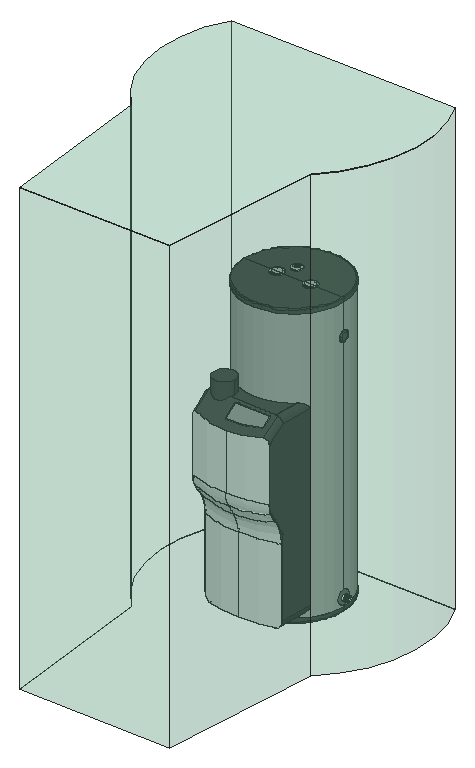
Revit family "Innovo  BENL_IR 24 285 BENL LP", category Mechanical Equipment, Revit 2015
Parameters (values of type "IR-24-285 BENL LP")
  Werkruimte Radius = Diameter + 170 mm  # 780 mm
  Werkruimte Hoogte = Hoogte + 1000 mm  # 2745 mm
  Werkruimte Afstand Voor = 1000 mm
  Werkruimte [instance] = yes
  Voorzorgsmaatregelen tijdens montage, installatie of onderhoud = "zie Gebruikers, Installatie, Service en Onderhouds handleiding"  # constant formula
  Voltage = 230 V  # constant formula
  Verpakkingslengte = 946 mm  # constant formula
  Verpakkingshoogte = 1895 mm
  Verpakkingsbreedte = 786 mm  # constant formula
  Uitsluitend werkend in daluren = no
  Uitschakeldruk LDS < = "210"
  Type aanduiding = "IR-32-285"
  Transportgewicht = 153 kg
  Totaal Gewicht = 438 kg
  Stilstandsverlies - dagelijks (24u) = 0 W
  Stilstandsverlies = 0 W
  Standaard Afgesteld op = "G20/G25"
  Stand Regelthermostaat = 65 °C  # constant formula
  Soort Verpakking = "Karton en Hout"  # constant formula
  Slimme controlefunctie = no
  Setpoint thermostaat = 65 °C  # constant formula
  Seizoens Rendement (Hs) = [Rendement (Hs, vlgs. NEN-EN 89 - 1999)]  # 96
  Rendement (Hs, vlgs. NEN-EN 89 - 1999) = 96
  Rendement (Hi, vlgs. NEN-EN 89 - 1999) = 107
  Produktspecificaties Link = ""
  Produkthandleiding Link = ""
  Produkt Model Nummer (EAN-nummer) = "8717449286316"
  Onderhoudsinterval = "12 maanden"  # constant formula
  Nominale Belasting (Onderwaarde) = "29000.0/24100.0"
  Nominale Belasting (Bovenwaarde) = "32200.0/26800.0"
  Nominaal Vermogen = "31000.0/25800.0"
  NOx-uitstoot mg/kWh = "37.0/27.0"
  NOx-uitstoot (lucht vrij, 0% O2) ppm = "24.0/17.0"
  Min. Stand Regelthermostaat = 40 °C  # constant formula
  Max. Werkdruk = 800000.0 Pa
  Max. Stand Regelthermostaat = 85 °C  # constant formula
  Max. Rookgastemperatuur = 65 °C
  Ledig Gewicht = 136 kg
  Kraan Hoogte 02 = if(and(Hoogte = 1745 mm, Diameter = 675 mm), 1518 mm, if(and(Hoogte = 1745 mm, Diameter = 610 mm), 1534 mm, if(Hoogte = 1545 mm, 1328 mm, 1070 mm)))  # 1534 mm
  Kraan Hoogte 01 = if(and(Diameter > 560 mm), 693 mm, 604 mm)  # 693 mm
  URL = "www.aosmith.be"
  Tapcapaciteit bij ΔT = 70°C  na 90 min. = 770.0 L
  Tapcapaciteit bij ΔT = 70°C  na 60 min. = 580.0 L
  Tapcapaciteit bij ΔT = 70°C  na 30 min. = 390.0 L
  Tapcapaciteit bij ΔT = 70°C  na 120 min. = 960.0 L
  Tapcapaciteit bij ΔT = 55°C  na 90 min. = 1000.0 L
  Tapcapaciteit bij ΔT = 55°C  na 60 min. = 760.0 L
  Tapcapaciteit bij ΔT = 55°C  na 30 min. = 520.0 L
  Tapcapaciteit bij ΔT = 55°C  na 120 min. = 1300.0 L
  Tapcapaciteit bij ΔT = 50°C  na 90 min. = 1200.0 L
  Tapcapaciteit bij ΔT = 50°C  na 60 min. = 840.0 L
  Tapcapaciteit bij ΔT = 50°C  na 30 min. = 570.0 L
  Tapcapaciteit bij ΔT = 50°C na 120 min. = 1400.0 L
  Tapcapaciteit bij ΔT = 44°C na 120 min. = 1300.0 L
  Tapcapaciteit bij ΔT = 44°C  na 90 min. = 960.0 L
  Tapcapaciteit bij ΔT = 44°C  na 60 min. = 660.0 L
  Tapcapaciteit bij ΔT = 44°C  na 30 min. = 1600.0 L
  Tapcapaciteit bij ΔT = 28°C na 90 min. = 2100.0 L
  Tapcapaciteit bij ΔT = 28°C na 60 min. = 1600.0 L
  Tapcapaciteit bij ΔT = 28°C na 30 min. = 1100.0 L
  Tapcapaciteit bij ΔT = 28°C na 120 min. = 2500.0 L
  Tapcapaciteit Continu bij ΔT = 70°C = 380.0 L/s
  Tapcapaciteit Continu bij ΔT = 55°C = 490.0 L/s
  Tapcapaciteit Continu bij ΔT = 50°C = 540.0 L/s
  Tapcapaciteit Continu bij ΔT = 44°C = 610.0 L/s
  Tapcapaciteit Continu bij ΔT = 28°C = 960.0 L/s
  Opwarmtijd bij ΔT = 70°C = "38"
  Opwarmtijd bij ΔT = 55°C = "30"
  Opwarmtijd bij ΔT = 50°C = "27"
  Opwarmtijd bij ΔT = 44°C = "24"
  Opwarmtijd bij ΔT = 28°C = "16"
  Model = "IR-32-285 BENL NAT"
  Manufacturer = "A.O. Smith Water Products Company b.v."  # constant formula
  Length = 780 mm  # constant formula
  Jaarlijks elektriciteitsverbruik (2) = "-"
  Jaarlijks elektriciteitsverbruik (1) = "48 kWh"
  Jaarlijks brandstofverbruik (2) = "-"
  Jaarlijks brandstofverbruik (1) = "21 GJ GCV"
  Isolatiedikte = 44 mm
  Installatie Typen = "B23/C13/C33/C43/C53/C63"  # constant formula
  Inhoud = 285.0 L
  Hoogte Warm Water Uitlaat = 1745 mm
  Hoogte Rookgasafvoer = 1350 mm
  Hoogte Lucht Inlaat = 1350 mm
  Hoogte Koud Water Inlaat = 170 mm
  Hoogte Gas Aansluiting = 905 mm
  Hoogte = 1745 mm
  Handelsmerk = "A.O. Smith"  # constant formula
  Geluidsniveau dB (A) = "<45"  # constant formula
  Geluidsniveau binnen = "58 dB"
  Gasverbruik - Volume ltr/hr = "3.10/3.00"
  Gasverbruik - Massa kg/h = "n.v.t."
  Gascategorie = "I2E(S)B"  # constant formula
  Gas Voordruk = "2000/2500 Pa"
  Gas Aansluiting = 15"  # constant formula
  Garrantie op Tank = "36 maanden"  # constant formula
  Garrantie op Onderdelen = "12 maanden"  # constant formula
  Frequentie = 50 Hz  # constant formula
  Fase = 1
  Fabrikantnummer = "E 7110"  # constant formula
  Energie-efficiëntieklasse voor waterverwarming (2) = "-"
  Energie-efficiëntieklasse voor waterverwarming (1) = "A"  # constant formula
  Energie-efficiëntie voor waterverwarming (2) = "-"
  Energie-efficiëntie voor waterverwarming (1) = "90%"
  Elektrisch Vermogen (piek) = 105 W
  Elektrisch Vermogen (nominaal) = 85 W
  Diameter Schoorsteen - parallel systeem = "2x80"  # constant formula
  Diameter Schoorsteen - concentrisch systeem = "80/125 mm/mm"  # constant formula
  Diameter Schoorsteen - boiler = "80/125 mm/mm"  # constant formula
  Diameter = 610 mm
  Description = "Condenserende Hoog Rendementsboiler"  # constant formula
  Created By = "http://www.cadcompany.nl/"
  Capaciteitsprofiel = "XXL"
  CO2-uitstoot (tol. +/- 1.0) vol% = "9.3/7.5"
  CE-PIN = "0063CQ3037"  # constant formula
  Breedte = Diameter  # 610 mm
  Bestemming / Land = "BelgIë"  # constant formula
  BIM Content Developer = "CAD & Company"  # constant formula
  Assembly Code = "D3010"
  Ander capaciteitsprofiel = "-"
  Aansluiting Warm Water = 1"
  Aansluiting T&P = 1"
  Aansluiting Koud Water = 3/4"  # constant formula
  Aansluiting Condensafvoer = 40 mm  # constant formula
  Aansluiting Aftapkraan = 3/4"  # constant formula
  2e Onderhoud (algeheel onderhoud) = "12 maanden na installatie"  # constant formula
  1e Onderhoud (check-up) = "3 maanden na installatie"  # constant formula
Reference planes
  plane 1 "Center (Front/Back)": y = 0
  plane 2: z = 0
  plane 3 "Center (Left/Right)": x = 0
  plane 4 "Pipe": through (-383.901, 912.349, 194.799) normal (-0.0879, -0.0879, 0.9923)
  plane 5 "footing": y = 118.925
  plane 6 "footing front": y = -237.85
  plane 7: x = -305
  plane 8: x = 305
  plane 9: z = 1745
Forms (mm)
  Revolve 1, solid, material "RAL 9005", detail levels medium+fine
    sketch origin (0, -237.85, 0) x (-1, 0, 0) y (0, 0, 1)
      loop
        line (0, 28.9) -> (-15, 28.9) -> (-15, 26.4) -> (-8.671, 26.4) -> (-8.671, 18) -> (-5.686, 18) -> (-6.626, 17.06) -> (-6.626, 12.06) -> (-8.671, 12.06) -> (-8.671, 10) -> (-10.031, 10) -> (-23.271, 5.181)
        arc (-23.271, 5.181) -> (-23.763, 4.836) -> (-24.017, 4.293) r 1.159
        line (-24.017, 4.293) -> (-24.017, 1.03)
        arc (-24.017, 1.03) -> (-23.715, 0.302) -> (-22.986, 0) r 1.03
        line (-22.986, 0) -> (0, 0) -> (0, 28.9)
      axis (0, 28.9) -> (0, 0)
    angle from 0 to 360
  Revolve 2, solid, material "RAL 9005", detail levels medium+fine
    sketch origin (0, 118.925, 0) x (-1, 0, 0) y (0, 0, 1)
      loop
        line (-205.984, 28.9) -> (-220.984, 28.9) -> (-220.984, 26.4) -> (-214.655, 26.4) -> (-214.655, 18) -> (-211.67, 18) -> (-212.61, 17.06) -> (-212.61, 12.06) -> (-214.655, 12.06) -> (-214.655, 10) -> (-216.015, 10) -> (-229.256, 5.181)
        arc (-229.256, 5.181) -> (-229.747, 4.836) -> (-230.001, 4.293) r 1.159
        line (-230.001, 4.293) -> (-230.001, 1.03)
        arc (-230.001, 1.03) -> (-229.699, 0.302) -> (-228.971, 0) r 1.03
        line (-228.971, 0) -> (-205.984, 0) -> (-205.984, 28.9)
      axis (-205.984, 28.9) -> (-205.984, 0)
    angle from 0 to 360
  Revolve 3, solid, material "RAL 9005", detail levels medium+fine
    sketch origin (0, 118.925, 0) x (-1, 0, 0) y (0, 0, 1)
      loop
        line (204.016, 28.9) -> (189.016, 28.9) -> (189.016, 26.4) -> (195.345, 26.4) -> (195.345, 18) -> (198.33, 18) -> (197.39, 17.06) -> (197.39, 12.06) -> (195.345, 12.06) -> (195.345, 10) -> (193.985, 10) -> (180.744, 5.181)
        arc (180.744, 5.181) -> (180.253, 4.836) -> (179.999, 4.293) r 1.159
        line (179.999, 4.293) -> (179.999, 1.03)
        arc (179.999, 1.03) -> (180.301, 0.302) -> (181.029, 0) r 1.03
        line (181.029, 0) -> (204.016, 0) -> (204.016, 28.9)
      axis (204.016, 28.9) -> (204.016, 0)
    angle from 0 to 360
Lines and regions (mm)
  symbolic lines
    curve 1: line (0, 280.06, 0) -> (0, -280.06, 0)
    curve 2: line (-280.06, 0, 0) -> (280.06, 0, 0)
  symbolic lines, style "Workspace"
    curve 3: line (681.142, 380.06, 0) -> (-681.142, 380.06, 0)
    curve 4: arc (-681.142, 380.06, 0) -> (-777.325, -64.546, 0) -> (-609.127, -487.2, 0) r 780
    curve 5: line (-609.127, -487.2, 0) -> (-421.783, -1517.825, 0)
    curve 6: line (-421.783, -1517.825, 0) -> (424.03, -1517.825, 0)
    curve 7: line (424.03, -1517.825, 0) -> (611.027, -484.816, 0)
    curve 8: arc (611.027, -484.816, 0) -> (777.449, -63.027, 0) -> (681.142, 380.06, 0) r 780
Dimensions and locks
  plane 5 "footing" to plane 1 "Center (Front/Back)" = 118.925 mm
  plane 1 "Center (Front/Back)" to plane 6 "footing front" = 237.85 mm
  "Diameter": plane 7 to plane 8
  equal spacing: plane 7, plane 3 "Center (Left/Right)", plane 8
  "Hoogte": plane 9 to plane 2
  "Werkruimte Afstand Voor": curve 6 to nested 3
  "Werkruimte Radius": radius of curve 4
  "Werkruimte Radius": radius of curve 8
  aligned and locked: level to plane 2
  aligned and locked: nested 3 to Revolve 1 sketch curve
  aligned and locked: plane 3 "Center (Left/Right)" to Revolve 1 sketch curve
  aligned and locked: nested 3 to plane 1 "Center (Front/Back)"
  aligned and locked: plane 3 "Center (Left/Right)" to nested 3
  aligned and locked: nested 1 to plane 8
  aligned and locked: nested 5 to plane 8
  aligned and locked: nested 2 to plane 7
  aligned and locked: nested 4 to plane 7
  aligned and locked: nested 7 to plane 7
  aligned and locked: nested 8 to plane 3 "Center (Left/Right)"
  aligned and locked: nested 8 to nested 3
  aligned and locked: curve 3 to nested 8
Automatic sketch dimensions
  Revolve 1 sketch curve to level = 0 mm
  plane 3 "Center (Left/Right)" to Revolve 1 sketch curve = 5.686 mm
  Revolve 1 sketch curve to Revolve 1 sketch curve = 0.94 mm  (x2)
  Revolve 1 sketch curve to Revolve 1 sketch curve = 2.046 mm  (x2)
  Revolve 1 sketch curve to Revolve 1 sketch curve = 1.359 mm
  Revolve 1 sketch curve to Revolve 1 sketch curve = 6.329 mm
  level to Revolve 1 sketch curve = 4.091 mm
  Revolve 1 sketch curve to Revolve 1 sketch curve = 12.844 mm
  level to Revolve 1 sketch curve = 1.03 mm
  Revolve 1 sketch curve to Revolve 1 sketch curve = 0.111 mm
  level to Revolve 1 sketch curve = 5.181 mm
  Revolve 1 sketch curve to Revolve 1 sketch curve = 0.745 mm
  level to Revolve 1 sketch curve = 10 mm
  Revolve 1 sketch curve to Revolve 1 sketch curve = 2.06 mm
  Revolve 1 sketch curve to Revolve 1 sketch curve = 5 mm
  Revolve 1 sketch curve to Revolve 1 sketch curve = 8.4 mm
  Revolve 1 sketch curve to Revolve 1 sketch curve = 2.5 mm
  Revolve 1 sketch curve to level = 19.635 mm
  Revolve 1 sketch curve to Revolve 1 sketch curve = 46.465 mm
  Revolve 2 sketch curve to level = 0 mm
  level to Revolve 2 sketch curve = 1.03 mm
  Revolve 2 sketch curve to plane 8 = 74.999 mm
  level to Revolve 2 sketch curve = 5.181 mm
  Revolve 2 sketch curve to Revolve 2 sketch curve = 0.745 mm
  Revolve 2 sketch curve to Revolve 2 sketch curve = 0.397 mm
  Revolve 2 sketch curve to Revolve 2 sketch curve = 8.271 mm
  Revolve 2 sketch curve to Revolve 2 sketch curve = 13.241 mm
  Revolve 2 sketch curve to Revolve 2 sketch curve = 1.359 mm
  Revolve 2 sketch curve to Revolve 2 sketch curve = 6.329 mm
  Revolve 2 sketch curve to Revolve 2 sketch curve = 2.046 mm
  level to Revolve 2 sketch curve = 18 mm
  Revolve 2 sketch curve to Revolve 2 sketch curve = 0.94 mm  (x2)
  Revolve 2 sketch curve to Revolve 2 sketch curve = 8.671 mm
  Revolve 2 sketch curve to Revolve 2 sketch curve = 1.089 mm
  Revolve 2 sketch curve to Revolve 2 sketch curve = 8 mm
  Revolve 2 sketch curve to Revolve 2 sketch curve = 2.06 mm
  Revolve 2 sketch curve to Revolve 2 sketch curve = 8.4 mm
  Revolve 2 sketch curve to Revolve 2 sketch curve = 2.5 mm
  Revolve 2 sketch curve to Revolve 2 sketch curve = 0 mm
  Revolve 2 sketch curve to level = 19.635 mm
  Revolve 2 sketch curve to Revolve 2 sketch curve = 46.465 mm
  Revolve 3 sketch curve to level = 0 mm
  level to Revolve 3 sketch curve = 1.03 mm
  Revolve 3 sketch curve to plane 7 = 125.001 mm
  level to Revolve 3 sketch curve = 5.181 mm
  Revolve 3 sketch curve to Revolve 3 sketch curve = 0.745 mm
  Revolve 3 sketch curve to Revolve 3 sketch curve = 0.397 mm
  Revolve 3 sketch curve to Revolve 3 sketch curve = 8.271 mm
  Revolve 3 sketch curve to Revolve 3 sketch curve = 13.241 mm
  Revolve 3 sketch curve to Revolve 3 sketch curve = 1.359 mm
  Revolve 3 sketch curve to Revolve 3 sketch curve = 6.329 mm
  Revolve 3 sketch curve to Revolve 3 sketch curve = 2.046 mm
  level to Revolve 3 sketch curve = 18 mm
  Revolve 3 sketch curve to Revolve 3 sketch curve = 0.94 mm  (x2)
  Revolve 3 sketch curve to Revolve 3 sketch curve = 8.671 mm
  Revolve 3 sketch curve to Revolve 3 sketch curve = 1.089 mm
  Revolve 3 sketch curve to Revolve 3 sketch curve = 8 mm
  Revolve 3 sketch curve to Revolve 3 sketch curve = 2.06 mm
  Revolve 3 sketch curve to Revolve 3 sketch curve = 8.4 mm
  Revolve 3 sketch curve to Revolve 3 sketch curve = 2.5 mm
  Revolve 3 sketch curve to Revolve 3 sketch curve = 0 mm
  Revolve 3 sketch curve to level = 19.635 mm
  Revolve 3 sketch curve to Revolve 3 sketch curve = 46.465 mm
  curve 4 to curve 8 = 0 mm  (x2)
  plane 1 "Center (Front/Back)" to curve 2 = 0 mm
  curve 1 to plane 3 "Center (Left/Right)" = 0 mm
  plane 1 "Center (Front/Back)" to curve 4 = 0 mm
  curve 4 to plane 3 "Center (Left/Right)" = 0 mm
  curve 5 to plane 6 "footing front" = 249.35 mm
  plane 7 to curve 5 = 116.783 mm
  plane 8 to curve 7 = 119.03 mm
  curve 7 to plane 6 "footing front" = 246.966 mm
  curve 2 to plane 7 = 24.94 mm
  curve 2 to plane 8 = 24.94 mm
  curve 1 to plane 6 "footing front" = 42.21 mm
  plane 5 "footing" to curve 1 = 161.135 mm
Nested families
  nested 1: "Valve" at (305, -0.38, 1534) x (0, 1, 0) z (0, 0, 1), built-in parameter 1001364 <- "Kraan Hoogte 02", type "Valve"
  nested 2: "Drain Valve" at (-305, 0, 1534), built-in parameter 1001364 <- "Kraan Hoogte 02", type "Drain Valve"
  nested 3: "Housing Mother Housing S 57 (external)" at (0, -299.886, 0), type "Housing Mother_Housing S_57"
    with radius 305 mm, distance to boiler center 154 mm, diameter 610 mm
  nested 4: "Drain Valve" at (-305, 0, 177), type "Drain Valve"
  nested 5: "Drain Valve" at (305, 0, 107) x (-1, 0, 0) z (0, 0, 1), type "Drain Valve"
  nested 6: "Boiler" at (0, 0, 0), height <- "Hoogte", type "Boiler"
    with height 1745 mm, radius 305 mm, Diameter 610 mm
  nested 7: "Drain Valve" at (-305, 0, 693), built-in parameter 1001364 <- "Kraan Hoogte 01", type "Drain Valve"
  nested 8: "Innovo_workspace" at (0, 0, 0), Workspace <- "Werkruimte", Workspace Distance Front <- "Werkruimte Afstand Voor", Workspace Height <- "Werkruimte Hoogte", Workspace Radius <- "Werkruimte Radius", type "Workspace"
    with Workspace Radius 780 mm, Workspace Height 2745 mm, Workspace Distance Front 1000 mm, Workspace yes, Center to Front 517.825 mm
Connectors
  piping at (339.826, 0, 107), diameter 19.05, driven by "Aansluiting Aftapkraan"
    settings: on nested 5, index 1, connector inside diameter 24", connector length 0 mm, flow factor 0, pipe flow 0.0 L/s, pressure drop 0.0 Pa, fitting loss kfactor 0, connector angle 0.00°, fixture units 0, engagement length 0 mm, angle of deflection 0.00°, flow configuration 0, flow direction 0, fitting loss method 0, system type 19, joint type 0, gender type 0, connector reference index -1, connector utility 0, adjustable connector no, is connector primary yes, connector description ""
  hvac at (-147.013, -346.326, 1310.674)
    settings: on nested 3, index 2, duct flow 0.0 L/s, flow factor 0, pres drop 0.0 Pa, loss coef 0, conn angle 0.00°, conn width 304.8 mm, conn height 304.8 mm, conn diameter 125 mm, duct sys type 4, conn prof type 0, flow config 0, flow direction 0, loss method 0, conn ref index -1, conn util no, is conn primary yes, conn desc ""
Definition of nested family "Valve"
  Parameters (values of type "Valve")
    Type Comments = "T&P valve (internal)"
    Manufacturer = "A.O. Smith"
  Reference planes
    plane 1 "Center (Front/Back)": y = 0
    plane 2: z = 0
    plane 3 "Center (Left/Right)": x = 0
  Forms (mm)
    Extrusion 1, solid, detail levels fine
      sketch origin (0, 0, 0) x (1, 0, 0) y (0, 0, 1)
        loop
          circle (0, 0) r 31.5
      from -2.271 to 1.4
    Sweep 2, solid, detail levels fine
      path origin (0, -1.4, 0) x (1, 0, 0) y (0, 0, 1)
        loop
          circle (0, 0) r 31.5
      profile origin (0, -1.4, 31.5) x (0, 0, -1) y (0, -1, 0)
        loop
          line (7.3, 0) -> (7.3, 3) -> (0, 0) -> (7.3, 0)
  Dimensions and locks
    aligned and locked: level to plane 2
Definition of nested family "Drain Valve"
  Reference planes
    plane 1 "Center (Front/Back)": y = 0
    plane 2: z = 0
    plane 3 "Center (Left/Right)": x = 0
  Forms (mm)
    Revolve 1, solid, detail levels medium+fine
      sketch origin (0, 0, 0) x (1, 0, 0) y (0, 0, 1)
        loop
          line (-33.442, 15.696) -> (-34.826, 14.329) -> (-34.93, 12.731) -> (-16.555, 12.731) -> (-16.555, 0) -> (15.787, 0) -> (15.787, 18.3) -> (-14.4, 18.3) -> (-17.148, 15.533) -> (-18.729, 16.697) -> (-20.091, 15.333) -> (-21.672, 16.496) -> (-23.034, 15.133) -> (-24.614, 16.296) -> (-25.976, 14.932) -> (-27.557, 16.096) -> (-28.919, 14.732) -> (-30.5, 15.896) -> (-31.862, 14.532) -> (-33.442, 15.696)
        axis (-34.93, 0) -> (15.787, 0)
      angle from 0 to 360
  Dimensions and locks
    aligned and locked: level to plane 2
  Nested families
    nested 1: "Rubber sealing" at (2.592, -0.155, 0) x (0.0023, -1, 0) z (0, 0, 1), type "Rubber sealing", detail levels fine
  Definition of nested family "Rubber sealing"
    Reference planes
      plane 1 "Center (Front/Back)": y = 0
      plane 2: z = 0
      plane 3 "Center (Left/Right)": x = 0
    Forms (mm)
      Extrusion 1, solid, detail levels fine
        sketch origin (141.861, 319.581, 0) x (1, 0, 0) y (0, 1, 0)
          loop
            line (-216.354, -311.898) -> (-216.354, -313.94)
            arc (-216.354, -313.94) -> (-141.602, -321.581) -> (-66.861, -313.835) r 366.966
            line (-66.861, -313.835) -> (-66.861, -311.791)
            arc (-66.861, -311.791) -> (-141.602, -319.581) -> (-216.354, -311.898) r 364.966
        from -80 to 80
      Extrusion 2, void
        sketch origin (141.861, 319.581, 0) x (1, 0, 0) y (0, 0, 1)
          loop
            circle (-141.861, 0) r 13
          loop
            circle (-141.861, 0) r 110
          loop
            circle (-141.861, 0) r 40
        from 311.563 to 332.684
      Extrusion 3, void
        sketch origin (141.861, 319.581, 0) x (1, 0, 0) y (0, 0, 1)
          loop
            circle (-141.861, 0) r 18.25
        from 315.524 to 326.084
    Cuts and joins
      Extrusion 2, Extrusion 3 cuts Extrusion 1
    Dimensions and locks
      aligned and locked: level to plane 2
Definition of nested family "Housing Mother Housing S 57 (external)"
  Parameters (values of type "Housing Mother_Housing S_57")
    radius [instance] = 280 mm
    distance to boiler center = if(diameter = 675 mm, 189 mm, if(diameter = 610 mm, 154 mm, 129 mm))  # 129 mm
    diameter = 560 mm
  Reference planes
    plane 1 "Center (Front/Back)": y = 0
    plane 2: z = 0
    plane 3 "Center (Left/Right)": x = 0
    plane 4 "left": through (-245.286, 145.886, 1200) normal (0.9994, 0.0349, 0)
    plane 5: y = -217.939
    plane 6: y = 145.886
    plane 7: z = 1232.6
    plane 8: z = 65.89
    plane 9 "right": through (245.286, 145.886, 1200) normal (0.9994, -0.0349, 0)
    plane 10 "display": through (0, -90.37, 1221.196) normal (0, -0.5736, 0.8192)
    plane 11 "Potentiostat": z = 867.899
    plane 12 "boiler center": y = 274.886
    plane 13: x = -280
    plane 14: x = 280
  Forms (mm)
    Extrusion 1, solid
      sketch origin (0, 0, 0) x (1, 0, 0) y (0, 1, 0)
        loop
          line (-245.286, 145.886) -> (-232.581, -217.939) -> (232.581, -217.939) -> (245.286, 145.886)
          arc (245.286, 145.886) -> (0, 0.923) -> (-245.286, 145.886) r 280
      from 0 to 1232.6
    Sweep 2, void
      path origin (0, 0, 0) x (0, 1, 0) y (0, 0, 1)
        loop
          line (-217.939, 1232.6) -> (-217.939, 795.555)
          arc (-217.939, 795.555) -> (-212.387, 754.285) -> (-197.694, 715.322) r 183.924
          arc (-197.694, 715.322) -> (-179.915, 684.628) -> (-159.106, 655.901) r 348.284
          arc (-159.106, 655.901) -> (-131.411, 600.328) -> (-121.88, 538.973) r 202.254
          line (-121.88, 538.973) -> (-121.88, 61.106)
      profile origin (0, -217.939, 1014.077) x (1, 0, 0) y (0, 1, 0)
        loop
          arc (0, 0) -> (-117.533, 9.941) -> (-231.728, 39.475) r 699.984
          arc (-231.728, 39.475) -> (-233.391, 40.705) -> (-234.07, 42.659) r 3.505
          line (-234.07, 42.659) -> (-254.062, 42.659) -> (-254.062, -142.593) -> (254.07, -142.593) -> (254.07, 42.659) -> (234.07, 42.659)
          arc (234.07, 42.659) -> (233.391, 40.705) -> (231.728, 39.475) r 3.505
          arc (231.728, 39.475) -> (117.533, 9.941) -> (0, 0) r 699.984
    Extrusion 3, void
      sketch origin (0, 0, 0) x (0, 1, 0) y (0, 0, 1)
        loop
          arc (102.864, 70.869) -> (99.804, 70.709) -> (96.874, 69.813) r 12.57
          arc (96.874, 69.813) -> (87.878, 66.533) -> (78.516, 64.529) r 69.114
          arc (78.516, 64.529) -> (76.41, 64.284) -> (74.294, 64.148) r 41.206
          arc (74.294, 64.148) -> (65.203, 64.335) -> (56.122, 64.782) r 318.661
          arc (56.122, 64.782) -> (30.585, 66.179) -> (5.028, 67.128) r 1456.581
          line (5.028, 67.128) -> (-84.534, 73.135)
          arc (-84.534, 73.135) -> (-86.363, 73.808) -> (-87.536, 75.365) r 3.455
          line (-87.536, 75.365) -> (-264.473, 75.365) -> (-264.473, 0) -> (160.886, 0) -> (160.886, 103.945) -> (145.886, 103.945)
          arc (145.886, 103.945) -> (145.104, 97.827) -> (142.923, 92.059) r 26.364
          arc (142.923, 92.059) -> (141.067, 88.936) -> (138.867, 86.045) r 31.715
          arc (138.867, 86.045) -> (135.576, 82.49) -> (132.021, 79.2) r 62.615
          arc (132.021, 79.2) -> (125.841, 74.697) -> (119.091, 71.103) r 54.444
          arc (119.091, 71.103) -> (116.371, 70.272) -> (113.531, 70.123) r 11.669
          line (113.531, 70.123) -> (102.864, 70.869)
      from -254.062 to 254.07
    Sweep 4, void
      path origin (0, 0, 0) x (1, 0, 0) y (0, 1, 0)
        loop
          line (-245.286, 145.886) -> (-232.581, -217.939)
      profile origin (-238.933, -36.027, 0) x (0.999391, 0.034899, 0) y (0, 0, 1)
        loop
          line (-4.454, 0) -> (47.084, 0) -> (47.084, 73.431)
          arc (47.084, 73.431) -> (14.222, 85.134) -> (0.255, 117.1) r 43.922
          line (0.255, 117.1) -> (-4.454, 117.1) -> (-4.454, 0)
    Sweep 5, void
      path origin (0, 0, 0) x (-1, 0, 0) y (0, 1, 0)
        loop
          line (-245.286, 145.886) -> (-232.581, -217.939)
      profile origin (238.933, -36.027, 0) x (0.999391, -0.034899, 0) y (0, 0, 1)
        loop
          line (4.454, 0) -> (4.454, 117.1) -> (-0.255, 117.1)
          arc (-0.255, 117.1) -> (-14.222, 85.134) -> (-47.084, 73.431) r 43.922
          line (-47.084, 73.431) -> (-47.084, 0) -> (4.454, 0)
    Sweep 6, void
      path origin (-239.899, -8.377, 0) x (-0.034899, 0.999391, 0) y (0, 0, 1)
        loop
          line (-209.69, 1141.272) -> (-79.18, 1232.6) -> (154.358, 1232.6)
      profile origin (-241.211, 29.188, 1232.6) x (0, 0, 1) y (0.999391, 0.034899, 0)
        loop
          line (-45, -30) -> (75, -30) -> (75, 0) -> (75, 55) -> (2.799, 55) -> (-1.253, 35.128)
          arc (-1.253, 35.128) -> (-16.771, 9.564) -> (-45, -0.308) r 44.287
          line (-45, -0.308) -> (-45, -30)
    Sweep 7, void
      path origin (239.899, -8.377, 0) x (0.034899, 0.999391, 0) y (0, 0, 1)
        loop
          line (-209.69, 1141.272) -> (-79.18, 1232.6) -> (154.358, 1232.6)
      profile origin (241.211, 29.188, 1232.6) x (0, 0, -1) y (-0.999391, 0.034899, 0)
        loop
          line (-75, -25) -> (45, -25) -> (45, -0.308)
          arc (45, -0.308) -> (16.771, 9.564) -> (1.253, 35.128) r 44.287
          line (1.253, 35.128) -> (-2.799, 55) -> (-75, 55) -> (-75, -25)
    Extrusion 8, void
      sketch origin (0, 0, 0) x (0, 1, 0) y (0, 0, 1)
        loop
          line (-270, 1336.099) -> (-270, 1099.081) -> (68.497, 1336.099) -> (-270, 1336.099)
      from -425.038 to 444.42
    Extrusion 9, solid, detail levels medium+fine
      sketch origin (0, 0, 0) x (1, 0, 0) y (0, 1, 0)
        loop
          circle (-147.013, -46.44) r 65
      from 1163.174 to 1310.674
    Extrusion 10, void
      sketch origin (0, -603.506, 861.895) x (0, 0.819152, 0.573576) y (-1, 0, 0)
        loop
          arc (618.322, -173) -> (623.272, -170.95) -> (625.322, -166) r 7
          line (625.322, -166) -> (625.322, 35)
          arc (625.322, 35) -> (623.272, 39.95) -> (618.322, 42) r 7
          line (618.322, 42) -> (535.473, 42)
          arc (535.473, 42) -> (530.688, 40.11) -> (528.488, 35.46) r 7
          arc (528.488, 35.46) -> (531.569, -67.592) -> (554.18, -168.18) r 540
          arc (554.18, -168.18) -> (556.724, -171.668) -> (560.831, -173) r 7
          line (560.831, -173) -> (618.322, -173)
      from 0 to 137.286
    Sweep 11, solid, detail levels fine
      path origin (0, 0, 867.899) x (-1, 0, 0) y (0, -1, 0)
        loop
          line (309.749, -35.617) -> (204.371, -35.617)
          arc (204.371, -35.617) -> (196.509, -34.687) -> (189.082, -31.947) r 33.677
          line (189.082, -31.947) -> (-9.574, 69.274)
      profile origin (-257.06, 35.617, 867.899) x (0, 1, 0) y (0, 0, 1)
        loop
          circle (0, 0) r 7.316
        loop
          circle (0, 0) r 6.465
    Revolve 12, void
      sketch origin (0, 274.886, 0) x (-1, 0, 0) y (0, 0, 1)
        loop
          line (280, 1243.838) -> (0, 1243.838) -> (0, 54.9) -> (280, 54.9) -> (280, 1243.838)
        axis (0, 1243.838) -> (0, 54.9)
      angle from 0 to 360
  Cuts and joins
    Sweep 2, Extrusion 3, Sweep 4, Sweep 5, Sweep 6, Sweep 7, Extrusion 8, Extrusion 10, Revolve 12 cuts Extrusion 1
  Dimensions and locks
    plane 8 to plane 2 = 65.89 mm
    plane 7 to plane 8 = 1166.71 mm
    "distance to boiler center": plane 12 "boiler center" to plane 6
    "diameter": plane 14 to plane 13
    equal spacing: plane 14, plane 3 "Center (Left/Right)", plane 13
    "radius": plane 3 "Center (Left/Right)" to plane 13
    aligned and locked: level to plane 2
    aligned and locked: Extrusion 1 to plane 7
    aligned and locked: Extrusion 1 sketch curve to plane 5
    aligned and locked: Sweep 2 to Extrusion 3
    aligned and locked: Extrusion 3 to Sweep 2  (x2)
    aligned and locked: plane 7 to Sweep 2 sketch curve
    aligned and locked: plane 3 "Center (Left/Right)" to Revolve 12 sketch curve
    aligned and locked: Revolve 12 sketch curve to plane 3 "Center (Left/Right)"
    aligned and locked: plane 13 to Revolve 12 sketch curve
  Automatic sketch dimensions
    Extrusion 1 sketch curve to plane 4 "left" = 0 mm  (x2)
    Extrusion 1 sketch curve to plane 6 = 0 mm  (x2)
    Extrusion 1 sketch curve to plane 3 "Center (Left/Right)" = 0 mm
    Extrusion 1 sketch curve to plane 9 "right" = 0 mm
    plane 6 to Extrusion 1 sketch curve = 135.037 mm
    Sweep 2 sketch curve to plane 5 = 0 mm
    plane 5 to Sweep 2 sketch curve = 106.195 mm
    Sweep 2 sketch curve to plane 5 = 96.059 mm
    plane 1 "Center (Front/Back)" to Sweep 2 sketch curve = 34.053 mm
    plane 11 "Potentiostat" to Sweep 2 sketch curve = 6.417 mm
    Sweep 2 sketch curve to plane 6 = 33.705 mm
    Sweep 2 sketch curve to plane 11 "Potentiostat" = 68.615 mm
    Sweep 2 sketch curve to plane 11 "Potentiostat" = 72.345 mm
    Sweep 2 sketch curve to Sweep 2 sketch curve = 176.349 mm
    Sweep 2 sketch curve to Sweep 2 sketch curve = 0 mm  (x2)
    plane 8 to Sweep 2 sketch curve = 4.784 mm
    Extrusion 3 sketch curve to level = 0 mm
    Extrusion 3 sketch curve to plane 6 = 0 mm
    Extrusion 3 sketch curve to plane 6 = 26.363 mm
    Extrusion 3 sketch curve to Extrusion 3 sketch curve = 4.75 mm
    Extrusion 3 sketch curve to Extrusion 3 sketch curve = 5.179 mm
    Extrusion 3 sketch curve to plane 8 = 4.232 mm
    Extrusion 3 sketch curve to Extrusion 3 sketch curve = 0.814 mm
    Extrusion 3 sketch curve to plane 8 = 4.978 mm
    Extrusion 3 sketch curve to Extrusion 3 sketch curve = 10.667 mm
    Extrusion 3 sketch curve to Extrusion 3 sketch curve = 0.877 mm
    Extrusion 3 sketch curve to Extrusion 3 sketch curve = 17.827 mm
    Extrusion 3 sketch curve to Extrusion 3 sketch curve = 5.646 mm
    Extrusion 3 sketch curve to plane 6 = 69.562 mm
    Extrusion 3 sketch curve to Extrusion 3 sketch curve = 18.6 mm
    Extrusion 3 sketch curve to Extrusion 3 sketch curve = 22.538 mm
    Extrusion 3 sketch curve to plane 8 = 1.238 mm
    Extrusion 3 sketch curve to plane 1 "Center (Front/Back)" = 5.028 mm
    plane 1 "Center (Front/Back)" to Extrusion 3 sketch curve = 36.224 mm
    Extrusion 3 sketch curve to plane 8 = 10.692 mm
    plane 1 "Center (Front/Back)" to Extrusion 3 sketch curve = 84.302 mm
    Extrusion 3 sketch curve to plane 8 = 7.244 mm
    Extrusion 3 sketch curve to Extrusion 3 sketch curve = 0.231 mm
    Extrusion 3 sketch curve to Extrusion 3 sketch curve = 3.234 mm
    plane 5 to Extrusion 3 sketch curve = 46.534 mm
    plane 6 to Extrusion 3 sketch curve = 15 mm
    Extrusion 3 sketch curve to level = 1388.869 mm
    plane 8 to Extrusion 3 sketch curve = 7.561 mm
    Extrusion 3 sketch curve to Extrusion 3 sketch curve = 11.64 mm
    Extrusion 3 sketch curve to plane 8 = 38.054 mm
    Extrusion 3 sketch curve to Extrusion 3 sketch curve = 22.442 mm
    Extrusion 3 sketch curve to plane 8 = 39.432 mm
    Extrusion 3 sketch curve to Extrusion 3 sketch curve = 2.466 mm
    Extrusion 3 sketch curve to Extrusion 3 sketch curve = 14.17 mm
    Extrusion 3 sketch curve to Extrusion 3 sketch curve = 5.925 mm
    Extrusion 3 sketch curve to Extrusion 3 sketch curve = 6.186 mm
    Extrusion 3 sketch curve to Extrusion 3 sketch curve = 249.85 mm
    Extrusion 3 sketch curve to Extrusion 3 sketch curve = 0 mm  (x4)
    Extrusion 3 sketch curve to Extrusion 3 sketch curve = 6.845 mm
    plane 8 to Extrusion 3 sketch curve = 1.743 mm
    Sweep 4 sketch curve to plane 4 "left" = 0 mm  (x2)
    Sweep 4 sketch curve to plane 6 = 0 mm
    plane 5 to Sweep 4 sketch curve = 0 mm
    Sweep 4 sketch curve to level = 0 mm
    profile plane to Sweep 4 sketch curve = 4.454 mm
    Sweep 4 sketch curve to profile plane = 0.255 mm
    Sweep 4 sketch curve to Sweep 4 sketch curve = 43.922 mm
    Sweep 4 sketch curve to profile plane = 47.084 mm
    level to Sweep 4 sketch curve = 73.431 mm
    Sweep 4 sketch curve to Sweep 4 sketch curve = 43.669 mm
    Sweep 5 sketch curve to plane 6 = 0 mm
    Sweep 5 sketch curve to plane 9 "right" = 0 mm  (x2)
    plane 5 to Sweep 5 sketch curve = 0 mm
    Sweep 5 sketch curve to level = 0 mm
    profile plane to Sweep 5 sketch curve = 47.084 mm
    Sweep 5 sketch curve to Sweep 5 sketch curve = 2.907 mm
    profile plane to Sweep 5 sketch curve = 0.255 mm
    Sweep 5 sketch curve to profile plane = 4.454 mm
    level to Sweep 5 sketch curve = 73.431 mm
    Sweep 5 sketch curve to Sweep 5 sketch curve = 43.669 mm
    Sweep 6 sketch curve to plane 7 = 0 mm
    plane 7 to Sweep 6 sketch curve = 91.328 mm
    Sweep 6 sketch curve to Sweep 6 sketch curve = 130.509 mm
    Sweep 6 sketch curve to Sweep 6 sketch curve = 233.538 mm
    Sweep 6 sketch curve to plane 4 "left" = 0 mm
    profile plane to Sweep 6 sketch curve = 45 mm
    Sweep 6 sketch curve to Sweep 6 sketch curve = 0.354 mm
    profile plane to Sweep 6 sketch curve = 1.253 mm
    Sweep 6 sketch curve to profile plane = 2.799 mm
    Sweep 6 sketch curve to Sweep 6 sketch curve = 72.201 mm
    Sweep 6 sketch curve to plane 4 "left" = 0.308 mm
    Sweep 6 sketch curve to Sweep 6 sketch curve = 29.692 mm
    plane 4 "left" to Sweep 6 sketch curve = 35.128 mm
    plane 4 "left" to Sweep 6 sketch curve = 55 mm
    Sweep 7 sketch curve to plane 7 = 0 mm
    Sweep 7 sketch curve to plane 7 = 91.328 mm
    Sweep 7 sketch curve to Sweep 7 sketch curve = 130.509 mm
    Sweep 7 sketch curve to Sweep 7 sketch curve = 233.538 mm
    Sweep 7 sketch curve to plane 9 "right" = 25 mm
    profile plane to Sweep 7 sketch curve = 75 mm
    profile plane to Sweep 7 sketch curve = 2.799 mm
    Sweep 7 sketch curve to profile plane = 1.253 mm
    Sweep 7 sketch curve to Sweep 7 sketch curve = 43.393 mm
    Sweep 7 sketch curve to profile plane = 45 mm
    Sweep 7 sketch curve to plane 9 "right" = 0.308 mm
    plane 9 "right" to Sweep 7 sketch curve = 35.128 mm
    Sweep 7 sketch curve to Sweep 7 sketch curve = 19.872 mm
    plane 5 to Extrusion 8 sketch curve = 52.061 mm
    Extrusion 8 sketch curve to plane 1 "Center (Front/Back)" = 68.497 mm
    plane 7 to Extrusion 8 sketch curve = 133.519 mm
    Extrusion 8 sketch curve to plane 7 = 103.499 mm
    plane 1 "Center (Front/Back)" to Extrusion 9 sketch curve = 46.44 mm
    Extrusion 9 sketch curve to plane 3 "Center (Left/Right)" = 147.013 mm
    Extrusion 10 sketch curve to plane 3 "Center (Left/Right)" = 0 mm
    Extrusion 10 sketch curve to plane 3 "Center (Left/Right)" = 35 mm
    Extrusion 10 sketch curve to Extrusion 10 sketch curve = 25.359 mm
    Extrusion 10 sketch curve to Extrusion 10 sketch curve = 57.491 mm
    Extrusion 10 sketch curve to plane 3 "Center (Left/Right)" = 42 mm
    Extrusion 10 sketch curve to Extrusion 10 sketch curve = 82.85 mm
    Extrusion 10 sketch curve to Extrusion 10 sketch curve = 7 mm
    Extrusion 10 sketch curve to Extrusion 10 sketch curve = 442 mm
    plane 3 "Center (Left/Right)" to Extrusion 10 sketch curve = 166 mm
    Extrusion 10 sketch curve to Extrusion 10 sketch curve = 0 mm  (x2)
    Sweep 11 sketch curve to plane 1 "Center (Front/Back)" = 31.947 mm
    Sweep 11 sketch curve to plane 3 "Center (Left/Right)" = 189.082 mm
    Sweep 11 sketch curve to plane 1 "Center (Front/Back)" = 1.94 mm
    Sweep 11 sketch curve to Sweep 11 sketch curve = 15.289 mm
    plane 3 "Center (Left/Right)" to Sweep 11 sketch curve = 9.574 mm
    Sweep 11 sketch curve to Sweep 11 sketch curve = 105.378 mm
    plane 1 "Center (Front/Back)" to Sweep 11 sketch curve = 69.274 mm
    Sweep 11 sketch curve to Sweep 11 sketch curve = 0 mm  (x2)
    Sweep 11 sketch curve to plane 11 "Potentiostat" = 0 mm
    Sweep 11 sketch curve to profile plane = 0 mm
    plane 8 to Revolve 12 sketch curve = 10.99 mm
    Revolve 12 sketch curve to plane 7 = 11.238 mm
    Revolve 12 sketch curve to level = 366.045 mm
    Revolve 12 sketch curve to Revolve 12 sketch curve = 971.917 mm
    Sweep 2 sketch curve to plane 3 "Center (Left/Right)" = 0 mm
    profile plane to Sweep 2 sketch curve = 0 mm
    Sweep 2 sketch curve to plane 3 "Center (Left/Right)" = 0.016 mm
    Sweep 2 sketch curve to profile plane = 42.782 mm  (x2)
    Sweep 2 sketch curve to plane 3 "Center (Left/Right)" = 230.568 mm
    plane 3 "Center (Left/Right)" to Sweep 2 sketch curve = 0.016 mm
    plane 3 "Center (Left/Right)" to Sweep 2 sketch curve = 230.568 mm
    Sweep 2 sketch curve to Sweep 2 sketch curve = 3.502 mm  (x2)
    Sweep 2 sketch curve to Sweep 2 sketch curve = 20 mm
    profile plane to Sweep 2 sketch curve = 142.593 mm
    Sweep 2 sketch curve to Sweep 2 sketch curve = 0.122 mm  (x2)
    Sweep 2 sketch curve to Sweep 2 sketch curve = 657.203 mm
    Sweep 2 sketch curve to Sweep 2 sketch curve = 19.991 mm
    radius of Extrusion 9 sketch curve = 65 mm
    radius of Sweep 11 sketch curve = 7.316 mm
    radius of Sweep 11 sketch curve = 6.465 mm
  Nested families
    nested 1: "display" at (65.5, -130.939, 1192.79) x (-1, 0, 0) z (0, -0.5736, 0.8192), type "display"
  Definition of nested family "display"
    Parameters (values of type "display")
      Default Elevation = 1219.2 mm
    Reference planes
      plane 1 "Center (Front/Back)": y = 0
      plane 2: z = 0
      plane 3 "Center (Left/Right)": x = 0
    Forms (mm)
      Extrusion 1, solid, detail levels medium+fine
        sketch origin (-16.958, 11.842, -343.878) x (1, 0, 0) y (0, 0, -1)
          loop
            line (-233.523, -343.878) -> (-233.523, -346.592) -> (332.686, -346.592) -> (332.686, -343.878) -> (-233.523, -343.878)
        from -228.7 to 150.822
      Extrusion 2, void
        sketch origin (-16.958, 6.842, -343.878) x (1, 0, 0) y (0, 1, 0)
          loop
            line (-233.523, 155.822) -> (-233.523, -223.7) -> (332.686, -223.7) -> (332.686, 155.822) -> (-233.523, 155.822)
          loop
            arc (-90.542, -48.267) -> (-88.492, -53.216) -> (-83.542, -55.267) r 7
            line (-83.542, -55.267) -> (117.458, -55.267)
            arc (117.458, -55.267) -> (122.408, -53.216) -> (124.458, -48.267) r 7
            line (124.458, -48.267) -> (124.458, 34.583)
            arc (124.458, 34.583) -> (122.568, 39.368) -> (117.918, 41.568) r 7
            arc (117.918, 41.568) -> (14.866, 38.487) -> (-85.722, 15.876) r 540
            arc (-85.722, 15.876) -> (-89.21, 13.332) -> (-90.542, 9.224) r 7
            line (-90.542, 9.224) -> (-90.542, -48.267)
        from 328.878 to 363.083
    Cuts and joins
      Extrusion 2 cuts Extrusion 1
    Dimensions and locks
      aligned and locked: level to plane 2
Definition of nested family "Boiler"
  Parameters (values of type "Boiler")
    radius [instance] = 280 mm
    height [instance] = 1270 mm
    Diameter = 560 mm
  Reference planes
    plane 1 "Center (Front/Back)": y = 0
    plane 2: z = 0
    plane 3 "Center (Left/Right)": x = 0
    plane 4: z = 1243.838
    plane 5: z = 1270
    plane 6 "bottom": z = 28.9
    plane 7: z = 54.9
    plane 8 "top controle": y = 88
    plane 9: x = -280
    plane 10: x = 280
  Forms (mm)
    Revolve 1, solid
      sketch origin (0, 0, 0) x (1, 0, 0) y (0, 0, 1)
        loop
          line (0, 54.9) -> (-280, 54.9) -> (-280, 32.9)
          arc (-280, 32.9) -> (-278.828, 30.072) -> (-276, 28.9) r 4
          line (-276, 28.9) -> (0, 28.9) -> (0, 54.9)
        axis (0, 28.9) -> (0, 54.9)
      angle from 0 to 360
    Revolve 2, solid
      sketch origin (1.311, 0, 0) x (1, 0, 0) y (0, 0, 1)
        loop
          line (-278.86, 1243.838) -> (-278.86, 54.9) -> (-1.311, 54.9) -> (-1.311, 1243.838) -> (-278.86, 1243.838)
        axis (-1.311, 1243.838) -> (-1.311, 54.9)
      angle from 0 to 360
    Revolve 3, solid
      sketch origin (-9.205, 0, 377.212) x (-1, 0, 0) y (0, 0, 1)
        loop
          line (-148.904, 892.788) -> (-110.805, 892.788) -> (-110.805, 895.963) -> (-141.883, 895.963) -> (-148.904, 893.62) -> (-148.904, 892.788)
        axis (-110.805, 892.788) -> (-110.805, 895.963)
      angle from 0 to 360
    Revolve 4, solid
      sketch origin (0, 0, 718.065) x (1, 0, 0) y (0, 0, -1)
        loop
          line (0, -525.773) -> (-280, -525.773) -> (-280, -547.935)
          arc (-280, -547.935) -> (-278.828, -550.763) -> (-276, -551.935) r 4
          line (-276, -551.935) -> (0, -551.935) -> (0, -525.773)
        axis (0, -551.935) -> (0, -525.773)
      angle from 0 to 360
    Revolve 5, solid
      sketch origin (0, 88, 0) x (1, 0, 0) y (0, 0, 1)
        loop
          line (-19.051, 1270) -> (-19.051, 1271.074) -> (-32.63, 1275.604) -> (-32.63, 1271.117) -> (-37.266, 1271.117) -> (-38.383, 1270) -> (-19.051, 1270)
        axis (-50.8, 1270) -> (-50.8, 1275.604)
      angle from 0 to 360
    Revolve 6, solid
      sketch origin (-217.12, 0, 372.245) x (-1, 0, 0) y (0, 0, 1)
        loop
          line (-153.622, 897.755) -> (-115.52, 897.755) -> (-115.52, 900.93) -> (-146.626, 900.93) -> (-153.622, 898.596) -> (-153.622, 897.755)
        axis (-115.52, 897.755) -> (-115.52, 900.93)
      angle from 0 to 360
  Dimensions and locks
    "height": plane 5 to plane 2
    plane 6 "bottom" to plane 2 = 28.9 mm
    locked: plane 5 to plane 4 at 26.162
    locked: plane 1 "Center (Front/Back)" to plane 8 "top controle" at 88
    "Diameter": plane 10 to plane 9
    equal spacing: plane 10, plane 3 "Center (Left/Right)", plane 9
    "radius": plane 3 "Center (Left/Right)" to plane 9
    locked: plane 9 to Revolve 2 sketch curve at 2.452
    aligned and locked: level to plane 2
    aligned and locked: Revolve 2 sketch curve to plane 7
    aligned and locked: Revolve 2 sketch curve to plane 4
    aligned and locked: Revolve 1 sketch curve to plane 7
    aligned and locked: plane 6 "bottom" to Revolve 1 sketch curve
    aligned and locked: Revolve 4 sketch curve to plane 3 "Center (Left/Right)"
    aligned and locked: plane 5 to Revolve 4 sketch curve
    aligned and locked: Revolve 4 sketch curve to plane 4
    aligned and locked: plane 9 to Revolve 4 sketch curve
    aligned and locked: Revolve 1 sketch curve to plane 9
    aligned and locked: Revolve 2 sketch curve to plane 3 "Center (Left/Right)"
    aligned and locked: plane 3 "Center (Left/Right)" to Revolve 2 sketch curve
  Automatic sketch dimensions
    Revolve 1 sketch curve to plane 3 "Center (Left/Right)" = 0 mm  (x2)
    Revolve 1 sketch curve to Revolve 1 sketch curve = 4 mm
    Revolve 1 sketch curve to level = 40 mm
    Revolve 1 sketch curve to Revolve 1 sketch curve = 305.1 mm
    Revolve 2 sketch curve to level = 366.045 mm
    Revolve 2 sketch curve to plane 5 = 945.755 mm
    Revolve 3 sketch curve to plane 5 = 0 mm
    Revolve 3 sketch curve to plane 3 "Center (Left/Right)" = 139.699 mm
    plane 5 to Revolve 3 sketch curve = 3.175 mm
    Revolve 3 sketch curve to Revolve 3 sketch curve = 7.022 mm
    Revolve 3 sketch curve to Revolve 3 sketch curve = 31.078 mm
    Revolve 3 sketch curve to Revolve 3 sketch curve = 0.832 mm
    Revolve 3 sketch curve to Revolve 3 sketch curve = 0 mm
    Revolve 3 sketch curve to Revolve 3 sketch curve = 2.338 mm
    Revolve 3 sketch curve to Revolve 3 sketch curve = 4.487 mm
    Revolve 4 sketch curve to plane 3 "Center (Left/Right)" = 0 mm
    Revolve 4 sketch curve to Revolve 4 sketch curve = 4 mm
    Revolve 4 sketch curve to Revolve 4 sketch curve = 68.738 mm
    Revolve 4 sketch curve to Revolve 4 sketch curve = 305.1 mm
    Revolve 6 sketch curve to plane 5 = 0 mm
    plane 3 "Center (Left/Right)" to Revolve 6 sketch curve = 63.497 mm
    plane 5 to Revolve 6 sketch curve = 3.175 mm
    Revolve 6 sketch curve to Revolve 6 sketch curve = 6.997 mm
    Revolve 6 sketch curve to Revolve 6 sketch curve = 31.106 mm
    Revolve 6 sketch curve to Revolve 6 sketch curve = 0.84 mm
    Revolve 6 sketch curve to Revolve 6 sketch curve = 0 mm
    Revolve 6 sketch curve to Revolve 6 sketch curve = 7.216 mm
    Revolve 6 sketch curve to Revolve 6 sketch curve = 0.391 mm
    Revolve 5 sketch curve to Revolve 5 sketch curve = 13.578 mm
    Revolve 5 sketch curve to Revolve 5 sketch curve = 1.074 mm
    Revolve 5 sketch curve to Revolve 5 sketch curve = 12.417 mm
    Revolve 5 sketch curve to Revolve 5 sketch curve = 5.753 mm
    Revolve 5 sketch curve to plane 5 = 1.117 mm
    Revolve 5 sketch curve to Revolve 5 sketch curve = 1.117 mm
    plane 5 to Revolve 5 sketch curve = 4.396 mm
    Revolve 5 sketch curve to plane 5 = 0 mm
    Revolve 5 sketch curve to Revolve 5 sketch curve = 4.487 mm
    Revolve 5 sketch curve to plane 3 "Center (Left/Right)" = 38.383 mm
    Revolve 5 sketch curve to plane 5 = 5.604 mm
Definition of nested family "Innovo_workspace"
  Parameters (values of type "Workspace")
    Workspace Radius [instance] = 730 mm
    Workspace Height [instance] = 2270 mm
    Workspace Distance Front [instance] = 1000 mm
    Workspace [instance] = yes
    URL = "www.aosmith.nl"
    Model = ""
    Manufacturer = "A.O. Smith Water Products Company b.v."  # constant formula
    Description = ""
    Created By = ""
    Center to Front [instance] = 492.825 mm
    BIM Content Developer = "CAD & Company"  # constant formula
    Assembly Code = ""
  Reference planes
    plane 1 "Center (Front/Back)": y = 0
    plane 2: z = 0
    plane 3 "Center (Left/Right)": x = 0
    plane 4 "Pipe": through (-383.901, 912.349, 194.799) normal (-0.0879, -0.0879, 0.9923)
    plane 5 "front": y = -492.825
  Forms (mm)
    Extrusion 1, solid, visible <- "Workspace"
      sketch origin (0, 0, 0) x (1, 0, 0) y (0, 1, 0)
        loop
          line (456.53, -1492.825) -> (500.201, -531.695)
          arc (500.201, -531.695) -> (723.44, -97.643) -> (623.261, 380.06) r 730
          line (623.261, 380.06) -> (-623.261, 380.06)
          arc (-623.261, 380.06) -> (-723.227, -99.209) -> (-497.893, -533.856) r 730
          line (-497.893, -533.856) -> (-454.283, -1492.825) -> (456.53, -1492.825)
      from 0 to 2270 <- "Workspace Height"
  Lines and regions (mm)
    symbolic lines
      curve 1: line (0, 280.06, 0) -> (0, -280.06, 0)
      curve 2: line (-255.06, 0, 0) -> (255.06, 0, 0)
  Dimensions and locks
    locked: Extrusion 1 sketch curve to curve 1 at 100
    "Workspace Distance Front": plane 5 "front" to Extrusion 1
    "Center to Front": plane 1 "Center (Front/Back)" to plane 5 "front"
    "Workspace Radius": radius of Extrusion 1 sketch curve  (x2)
    aligned and locked: level to plane 2
  Automatic sketch dimensions
    plane 1 "Center (Front/Back)" to curve 2 = 0 mm
    curve 1 to plane 3 "Center (Left/Right)" = 0 mm
    plane 3 "Center (Left/Right)" to curve 2 = 255.06 mm
    curve 1 to plane 1 "Center (Front/Back)" = 280.06 mm
    curve 2 to plane 3 "Center (Left/Right)" = 255.06 mm
    plane 5 "front" to curve 1 = 212.765 mm
    Extrusion 1 sketch curve to Extrusion 1 sketch curve = 0 mm  (x2)
    plane 1 "Center (Front/Back)" to Extrusion 1 sketch curve = 0 mm
    Extrusion 1 sketch curve to plane 3 "Center (Left/Right)" = 0 mm
    Extrusion 1 sketch curve to plane 5 "front" = 41.031 mm
    Extrusion 1 sketch curve to plane 3 "Center (Left/Right)" = 454.283 mm
    plane 3 "Center (Left/Right)" to Extrusion 1 sketch curve = 456.53 mm
    Extrusion 1 sketch curve to plane 5 "front" = 38.869 mm
    Extrusion 1 sketch curve to Extrusion 1 sketch curve = 961.131 mm
